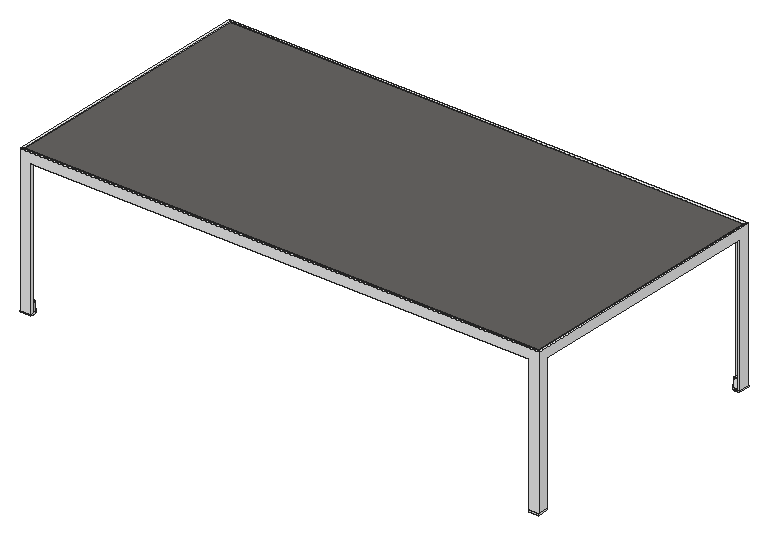
Revit family "Table-Multi_Use-Teknion-PRBJ-R2014", category Furniture, Revit 2014
Parameters (values of type "(See Type Catalog)")
  Width = 100 247/256"
  Warranty = "http://www.teknionstudio.com/pdfs/Teknion%20Studio%20Warranty.pdf"
  Unit Weight = 0.00 lbf
  URL = "www.teknionstudio.com"
  Table Top Finish = Veneer - Teknion - P7 - Grey Oak
  Series = "B&B Italia"
  Product Page URL = "http://www.teknionstudio.com/progetto1/"
  Product Line = "Progetto"
  Product Documentation Link = "http://www.teknionstudio.com/pricing/progetto_ppg.pdf"
  Part Number = "PRBJ"
  Model = ""
  Manufacturer Phone = "919-464-2920"
  Manufacturer Fax = "919-464-2927"
  Manufacturer Email = "customersupport@teknionstudio.com"
  Manufacturer Address = "3940 US 70 Business HWY West, Clayton, NC 27520"
  Manufacturer = "StudioTK"  # constant formula
  Low Emitting Material = yes
  Low Emitting Finish = yes
  Interior Frame Finish = none
  Height = 28.9331"
  Foot Offset = if(Adjustable Foot, 5/8", 1/4")  # 5/8"
  Fixed Foot = not(Adjustable Foot)  # no
  Exterior Frame Finish = Metal - Teknion - C6 - Chrome
  Description = ""
  Depth = 50.96"
  Assembly Code = "E2020200"
  Adjustable Foot = yes
Reference planes (in)
  plane 1 "Center F/B": y = 0
  plane 2: z = 0
  plane 3 "Center L/R": x = 0
  plane 4 "Left": x = -50.48242
  plane 5 "Right": x = 50.48242
  plane 6 "Back": y = 25.48
  plane 7 "Front": y = -25.48
  plane 8 "Top": z = 28.9331
  plane 9: z = 0.625
  plane 10 "Revolve Front": y = -24.20842
  plane 11 "Revolve Back": y = 24.20842
  plane 12: z = 28.52685
Forms (in)
  Sweep 1, solid, material "Veneer - Teknion - P7 - Grey Oak" <- "Table Top Finish"
    path origin (0, 0, 28.9331) x (-1, 0, 0) y (0, -1, 0)
      loop
        line (50.08101, 0) -> (-50.08101, 0)
    profile origin (0, 0, 28.9331) x (0, 1, 0) y (0, 0, 1)
      loop
        line (25.07858, 0) -> (-25.07858, 0) -> (-25.07858, -0.40625) -> (25.07858, -0.40625) -> (25.07858, 0)
  Sweep 2, solid, material "Metal - Teknion - C6 - Chrome" <- "Exterior Frame Finish"
    path origin (0, 0, 0) x (1, 0, 0) y (0, 0, 1)
      loop
        line (0, 28.9331) -> (0, 0.625)
    profile origin (0, 0, 14.77905) x (0, -1, 0) y (1, 0, 0)
      loop
        line (-23.45933, -50.08101) -> (-24.9803, -50.08101) -> (-25.38171, -50.48242) -> (-23.45933, -50.48242) -> (-23.45933, -50.08101)
      loop
        line (-25.07858, -49.98272) -> (-25.07858, -48.46175) -> (-25.48, -48.46175) -> (-25.48, -50.38413) -> (-25.07858, -49.98272)
      loop
        line (-23.45933, 50.08101) -> (-23.45933, 50.48242) -> (-25.38171, 50.48242) -> (-24.9803, 50.08101) -> (-23.45933, 50.08101)
      loop
        line (-25.07858, 49.98272) -> (-25.48, 50.38413) -> (-25.48, 48.46175) -> (-25.07858, 48.46175) -> (-25.07858, 49.98272)
      loop
        line (23.45933, 50.08101) -> (24.9803, 50.08101) -> (25.38171, 50.48242) -> (23.45933, 50.48242) -> (23.45933, 50.08101)
      loop
        line (25.07858, 49.98272) -> (25.07858, 48.46175) -> (25.48, 48.46175) -> (25.48, 50.38413) -> (25.07858, 49.98272)
      loop
        line (23.45933, -50.08101) -> (23.45933, -50.48242) -> (25.38171, -50.48242) -> (24.9803, -50.08101) -> (23.45933, -50.08101)
      loop
        line (25.07858, -49.98272) -> (25.48, -50.38413) -> (25.48, -48.46175) -> (25.07858, -48.46175) -> (25.07858, -49.98272)
  Sweep 3, solid, material "Metal - Teknion - C6 - Chrome" <- "Exterior Frame Finish"
    path origin (0, 0, 28.9331) x (-1, 0, 0) y (0, -1, 0)
      loop
        line (0, 23.45933) -> (0, -23.45933)
    profile origin (0, 0, 28.9331) x (-1, 0, 0) y (0, 0, 1)
      loop
        line (50.48242, 0) -> (50.08101, 0) -> (50.08101, -1.9685) -> (50.48242, -1.9685) -> (50.48242, 0)
      loop
        line (-50.48242, 0) -> (-50.48242, -1.9685) -> (-50.08101, -1.9685) -> (-50.08101, 0) -> (-50.48242, 0)
  Sweep 4, solid, material "Metal - Teknion - C6 - Chrome" <- "Exterior Frame Finish", visible <- "Adjustable Foot"
    path origin (0, 0, 0) x (1, 0, 0) y (0, 0, 1)
      loop
        line (0, 0.376) -> (0, 0.625)
    profile origin (0, 0, 0.5005) x (-1, 0, 0) y (0, -1, 0)
      loop
        line (50.48242, -25.48) -> (50.48242, -23.45933) -> (49.46175, -23.45933)
        arc (49.46175, -23.45933) -> (48.75465, -23.75222) -> (48.46175, -24.45933) r 1
        line (48.46175, -24.45933) -> (48.46175, -25.48) -> (50.48242, -25.48)
      loop
        line (-50.48242, -25.48) -> (-48.46175, -25.48) -> (-48.46175, -24.45933)
        arc (-48.46175, -24.45933) -> (-48.75465, -23.75222) -> (-49.46175, -23.45933) r 1
        line (-49.46175, -23.45933) -> (-50.48242, -23.45933) -> (-50.48242, -25.48)
      loop
        line (-50.48242, 25.48) -> (-50.48242, 23.45933) -> (-49.46175, 23.45933)
        arc (-49.46175, 23.45933) -> (-48.75465, 23.75222) -> (-48.46175, 24.45933) r 1
        line (-48.46175, 24.45933) -> (-48.46175, 25.48) -> (-50.48242, 25.48)
      loop
        line (50.48242, 25.48) -> (48.46175, 25.48) -> (48.46175, 24.45933)
        arc (48.46175, 24.45933) -> (48.75465, 23.75222) -> (49.46175, 23.45933) r 1
        line (49.46175, 23.45933) -> (50.48242, 23.45933) -> (50.48242, 25.48)
  Revolve 5, solid, material "Metal - Teknion - C6 - Chrome" <- "Exterior Frame Finish", visible <- "Adjustable Foot"
    sketch origin (0, -24.20842, 0) x (1, 0, 0) y (0, 0, 1)
      loop
        line (-48.83675, 2.17054) -> (-49.21175, 2.17054) -> (-49.21175, 0) -> (-48.89925, 0) -> (-48.89925, 0.126) -> (-48.83675, 0.126) -> (-48.83675, 2.17054)
      axis (-49.21175, 0) -> (-49.21175, 2.17054)
    angle from 0 to 360
  Sweep 6, solid, material "Metal - Teknion - C6 - Chrome" <- "Exterior Frame Finish", visible <- "Adjustable Foot"
    path origin (0, -24.20842, 0) x (1, 0, 0) y (0, 0, 1)
      loop
        line (0, 0.376) -> (0, 0.625)
    profile origin (0, -24.20842, 0.5005) x (-1, 0, 0) y (0, -1, 0)
      loop
        line (48.46175, -49.28701) -> (48.46175, -49.68842) -> (50.48242, -49.68842) -> (50.48242, -47.66775) -> (50.08101, -47.66775) -> (50.08101, -49.28701) -> (48.46175, -49.28701)
      loop
        line (-48.46175, -49.68842) -> (-48.46175, -49.28701) -> (-50.08101, -49.28701) -> (-50.08101, -47.66775) -> (-50.48242, -47.66775) -> (-50.48242, -49.68842) -> (-48.46175, -49.68842)
      loop
        line (-50.48242, -0.74909) -> (-50.08101, -0.74909) -> (-50.08101, 0.87016) -> (-48.46175, 0.87016) -> (-48.46175, 1.27158) -> (-50.48242, 1.27158) -> (-50.48242, -0.74909)
      loop
        line (48.46175, 1.27158) -> (48.46175, 0.87016) -> (50.08101, 0.87016) -> (50.08101, -0.74909) -> (50.48242, -0.74909) -> (50.48242, 1.27158) -> (48.46175, 1.27158)
  Sweep 7, solid, material "Metal - Teknion - C6 - Chrome" <- "Exterior Frame Finish"
    path origin (0, 0, 28.9331) x (0, 1, 0) y (-1, 0, 0)
      loop
        line (0, 48.46175) -> (0, -48.46175)
    profile origin (0, 0, 28.9331) x (0, 1, 0) y (0, 0, 1)
      loop
        line (25.48, 0) -> (25.07858, 0) -> (25.07858, -1.9685) -> (25.48, -1.9685) -> (25.48, 0)
      loop
        line (-25.48, 0) -> (-25.48, -1.9685) -> (-25.07858, -1.9685) -> (-25.07858, 0) -> (-25.48, 0)
  Revolve 8, solid, material "Metal - Teknion - C6 - Chrome" <- "Exterior Frame Finish", visible <- "Adjustable Foot"
    sketch origin (0, -24.20842, 0) x (-1, 0, 0) y (0, 0, 1)
      loop
        line (-48.83675, 2.17054) -> (-49.21175, 2.17054) -> (-49.21175, 0) -> (-48.89925, 0) -> (-48.89925, 0.125) -> (-48.83675, 0.125) -> (-48.83675, 2.17054)
      axis (-49.21175, 0) -> (-49.21175, 2.17054)
    angle from 0 to 360
  Revolve 9, solid, material "Metal - Teknion - C6 - Chrome" <- "Exterior Frame Finish", visible <- "Adjustable Foot"
    sketch origin (0, 24.20842, 0) x (1, 0, 0) y (0, 0, 1)
      loop
        line (-48.83675, 2.17054) -> (-49.21175, 2.17054) -> (-49.21175, 0) -> (-48.89925, 0) -> (-48.89925, 0.126) -> (-48.83675, 0.126) -> (-48.83675, 2.17054)
      axis (-49.21175, 0) -> (-49.21175, 2.17054)
    angle from 0 to 360
  Revolve 10, solid, material "Metal - Teknion - C6 - Chrome" <- "Exterior Frame Finish", visible <- "Adjustable Foot"
    sketch origin (0, 24.20842, 0) x (1, 0, 0) y (0, 0, 1)
      loop
        line (48.83675, 2.17054) -> (48.83675, 0.126) -> (48.89925, 0.126) -> (48.89925, 0) -> (49.21175, 0) -> (49.21175, 2.17054) -> (48.83675, 2.17054)
      axis (49.21175, 0) -> (49.21175, 2.17054)
    angle from 0 to 360
  Sweep 11, solid, material <- "Interior Frame Finish"
    path origin (0, -24.20842, 0) x (1, 0, 0) y (0, 0, 1)
      loop
        line (0, 28.52685) -> (0, 26.9646)
    profile origin (0, -24.20842, 27.74572) x (0, -1, 0) y (1, 0, 0)
      loop
        line (-49.28701, -50.08101) -> (0.87016, -50.08101) -> (0.87016, 50.08101) -> (-49.28701, 50.08101) -> (-49.28701, -50.08101)
      loop
        line (0.46875, -49.67959) -> (0.46875, -17.08978) -> (-48.88559, -17.08978) -> (-48.88559, -49.67959) -> (0.46875, -49.67959)
      loop
        line (-48.88559, 49.67959) -> (-48.88559, 17.09002) -> (0.46875, 17.09002) -> (0.46875, 49.67959) -> (-48.88559, 49.67959)
      loop
        line (0.46875, -16.30238) -> (0.46875, 16.30262) -> (-48.88559, 16.30262) -> (-48.88559, -16.30238) -> (0.46875, -16.30238)
  Sweep 12, solid, material "Metal - Teknion - C6 - Chrome" <- "Exterior Frame Finish", visible <- "Fixed Foot"
    path origin (84.14871, -24.20842, 0) x (1, 0, 0) y (0, 0, 1)
      loop
        line (-84.14871, 0.376) -> (-84.14871, 0.625)
    profile origin (0, -24.20842, 0.5005) x (-1, 0, 0) y (0, -1, 0)
      loop
        line (48.46175, -49.28701) -> (48.46175, -49.68842) -> (50.48242, -49.68842) -> (50.48242, -47.66775) -> (50.08101, -47.66775) -> (50.08101, -49.28701) -> (48.46175, -49.28701)
      loop
        line (-48.46175, -49.68842) -> (-48.46175, -49.28701) -> (-50.08101, -49.28701) -> (-50.08101, -47.66775) -> (-50.48242, -47.66775) -> (-50.48242, -49.68842) -> (-48.46175, -49.68842)
      loop
        line (-50.48242, -0.74909) -> (-50.08101, -0.74909) -> (-50.08101, 0.87016) -> (-48.46175, 0.87016) -> (-48.46175, 1.27158) -> (-50.48242, 1.27158) -> (-50.48242, -0.74909)
      loop
        line (48.46175, 1.27158) -> (48.46175, 0.87016) -> (50.08101, 0.87016) -> (50.08101, -0.74909) -> (50.48242, -0.74909) -> (50.48242, 1.27158) -> (48.46175, 1.27158)
Cuts and joins
  joined: Sweep 4, Revolve 5, Sweep 6, Revolve 9, Revolve 10
  joined: Sweep 2, Sweep 3, Sweep 7
Lines and regions (in)
  Masking region 1
    outline origin (0, 0, 28.9331) x (-1, 0, 0) y (0, -1, 0)
      loop
        line (50.48242, -25.48) -> (50.48242, 25.48) -> (-50.48242, 25.48) -> (-50.48242, -25.48) -> (50.48242, -25.48)
  symbolic lines, detail levels medium+fine
    curve 1: line (50.08101, 25.07858, 28.9331) -> (-50.08101, 25.07858, 28.9331)
    curve 2: line (-50.08101, 25.07858, 28.9331) -> (-50.08101, -25.07858, 28.9331)
    curve 3: line (-50.08101, -25.07858, 28.9331) -> (50.08101, -25.07858, 28.9331)
    curve 4: line (50.08101, -25.07858, 28.9331) -> (50.08101, 25.07858, 28.9331)
  symbolic lines, style "FurnitureHiddenLines", detail levels fine
    curve 5: line (-49.67959, 24.67717, 28.9331) -> (-17.08978, 24.67717, 28.9331)
    curve 6: line (-17.08978, 24.67717, 28.9331) -> (-17.08978, -24.67717, 28.9331)
    curve 7: line (-17.08978, -24.67717, 28.9331) -> (-49.67959, -24.67717, 28.9331)
    curve 8: line (-49.67959, -24.67717, 28.9331) -> (-49.67959, 24.67717, 28.9331)
    curve 9: line (-16.30238, 24.67717, 28.9331) -> (16.30262, 24.67717, 28.9331)
    curve 10: line (49.67959, 24.67717, 28.9331) -> (49.67959, -24.67717, 28.9331)
    curve 11: line (49.67959, -24.67717, 28.9331) -> (17.09002, -24.67717, 28.9331)
    curve 12: line (-16.30238, -24.67717, 28.9331) -> (-16.30238, 24.67717, 28.9331)
    curve 13: line (17.09002, 24.67717, 28.9331) -> (17.09002, -24.67717, 28.9331)
    curve 14: line (16.30262, -24.67717, 28.9331) -> (16.30262, 24.67717, 28.9331)
    curve 15: line (17.09002, 24.67717, 28.9331) -> (49.67959, 24.67717, 28.9331)
    curve 16: line (16.30262, -24.67717, 28.9331) -> (-16.30238, -24.67717, 28.9331)
Dimensions and locks (in)
  equal spacing: plane 4 "Left", plane 3 "Center L/R", plane 5 "Right"
  equal spacing: plane 6 "Back", plane 1 "Center F/B", plane 7 "Front"
  locked: Sweep 1 sketch curve to plane 5 "Right" at 0.40142
  locked: plane 4 "Left" to Sweep 1 sketch curve at 0.40142
  locked: plane 6 "Back" to Sweep 1 sketch curve at 0.40142
  locked: Sweep 1 sketch curve to plane 7 "Front" at 0.40142
  locked: plane 4 "Left" to Sweep 2 sketch curve at 2.02067  (x2)
  locked: Sweep 2 sketch curve to plane 7 "Front" at 2.02067
  locked: plane 4 "Left" to Sweep 2 sketch curve at 0.40142  (x2)
  locked: plane 7 "Front" to Sweep 2 sketch curve at 0.40142
  locked: Sweep 2 sketch curve to plane 7 "Front" at 0.40142
  locked: Sweep 2 sketch curve to plane 5 "Right" at 0.40142  (x2)
  locked: plane 7 "Front" to Sweep 2 sketch curve at 2.02067
  locked: Sweep 2 sketch curve to plane 5 "Right" at 2.02067  (x2)
  locked: plane 9 to Sweep 4 sketch curve at 0.249
  "Width": plane 4 "Left" to plane 5 "Right"
  "Depth": plane 6 "Back" to plane 7 "Front"
  locked: plane 4 "Left" to Sweep 4 sketch curve at 1.02067  (x2)
  locked: plane 6 "Back" to Sweep 4 sketch curve at 1.02067  (x2)
  locked: Sweep 4 sketch curve to plane 5 "Right" at 1.02067  (x2)
  locked: plane 7 "Front" to Sweep 4 sketch curve at 1.02067  (x2)
  locked: Revolve 5 sketch curve to Revolve 5 sketch curve at 0.375
  locked: Revolve 5 sketch curve to Revolve 5 sketch curve at 0.3125
  locked: plane 6 "Back" to Sweep 2 sketch curve at 2.02067
  locked: Sweep 2 sketch curve to plane 6 "Back" at 0.40142
  locked: plane 6 "Back" to Sweep 2 sketch curve at 0.40142
  locked: Sweep 2 sketch curve to plane 6 "Back" at 2.02067
  locked: Revolve 5 sketch curve to plane 4 "Left" at 1.27067
  locked: Revolve 5 sketch curve to plane 2 at 2.17054
  locked: plane 7 "Front" to plane 10 "Revolve Front" at 1.27158
  locked: plane 6 "Back" to plane 11 "Revolve Back" at 1.27158
  locked: plane 9 to Sweep 6 sketch curve at 0.249
  "Foot Offset": plane 9 to plane 2
  locked: plane 4 "Left" to Sweep 3 sketch curve at 0.40142
  locked: plane 8 "Top" to Sweep 3 sketch curve at 1.9685  (x2)
  locked: Sweep 3 sketch curve to plane 5 "Right" at 0.40142
  locked: plane 6 "Back" to Sweep 7 sketch curve at 0.40142
  locked: plane 8 "Top" to Sweep 7 sketch curve at 1.9685
  locked: Sweep 7 sketch curve to plane 7 "Front" at 0.40142
  locked: Sweep 7 sketch curve to plane 8 "Top" at 1.9685
  locked: plane 7 "Front" to Sweep 3 sketch curve at 2.02067
  locked: plane 6 "Back" to Sweep 3 sketch curve at 2.02067
  locked: plane 4 "Left" to Sweep 7 sketch curve at 2.02067
  locked: Sweep 7 sketch curve to plane 5 "Right" at 2.02067
  locked: Revolve 8 sketch curve to Revolve 8 sketch curve at 0.375
  locked: Revolve 8 sketch curve to Revolve 8 sketch curve at 0.3125
  locked: plane 5 "Right" to Revolve 8 sketch curve at 1.27067
  locked: Revolve 8 sketch curve to plane 2 at 2.17054
  locked: Revolve 9 sketch curve to Revolve 9 sketch curve at 0.375
  locked: Revolve 9 sketch curve to Revolve 9 sketch curve at 0.3125
  locked: Revolve 10 sketch curve to Revolve 10 sketch curve at 0.375
  locked: Revolve 10 sketch curve to Revolve 10 sketch curve at 0.3125
  locked: Revolve 9 sketch curve to plane 4 "Left" at 1.27067
  locked: Revolve 9 sketch curve to plane 2 at 2.17054
  locked: plane 5 "Right" to Revolve 10 sketch curve at 1.27067
  locked: Revolve 10 sketch curve to plane 2 at 2.17054
  "Height": plane 8 "Top" to plane 2
  locked: plane 8 "Top" to plane 12 at 0.40625
  locked: plane 12 to Sweep 11 sketch curve at 1.56225
  plane 4 "Left" to Sweep 11 sketch curve to Sweep 11 sketch curve = 0.40142" locked, 0.40142" locked
  Sweep 11 sketch curve to Sweep 11 sketch curve to plane 7 "Front" = 0.40142" locked, 0.40142" locked
  Sweep 11 sketch curve to Sweep 11 sketch curve to plane 5 "Right" = 0.40142" locked, 0.40142" locked
  Sweep 11 sketch curve to Sweep 11 sketch curve to plane 6 "Back" = 0.40142" locked, 0.40142" locked
  locked: Sweep 2 sketch curve to Sweep 2 sketch curve at 0.139  (x4)
  locked: Revolve 5 sketch curve to plane 2 at 0.126
  locked: Revolve 9 sketch curve to plane 2 at 0.126
  locked: Revolve 8 sketch curve to plane 2 at 0.125
  locked: Revolve 10 sketch curve to plane 2 at 0.126
  locked: Sweep 11 sketch curve to Sweep 11 sketch curve at 0.7874  (x2)
  locked: Sweep 11 sketch curve to Sweep 11 sketch curve at 32.605
  locked: Sweep 11 sketch curve to plane 5 "Right" at 33.3924
  locked: Sweep 11 sketch curve to Sweep 11 sketch curve at 0.40142  (x3)
  locked: plane 9 to Sweep 12 sketch curve at 0.249
  locked: plane 4 "Left" to Sweep 12 sketch curve at 0.40142  (x2)
  locked: plane 4 "Left" to Sweep 12 sketch curve at 2.02067  (x2)
  locked: Sweep 12 sketch curve to plane 6 "Back" at 2.02067  (x2)
  locked: Sweep 12 sketch curve to plane 6 "Back" at 0.40142  (x2)
  locked: plane 7 "Front" to Sweep 12 sketch curve at 2.02067
  locked: Sweep 12 sketch curve to plane 7 "Front" at 0.40142  (x2)
  locked: Sweep 12 sketch curve to plane 5 "Right" at 0.40142  (x2)
  locked: Sweep 12 sketch curve to plane 7 "Front" at 2.02067
  locked: Sweep 12 sketch curve to plane 5 "Right" at 2.02067  (x2)
  curve 8 to curve 6 to curve 12 to plane 3 "Center L/R" = 32.58981" locked, 0.7874" locked, 16.30238" locked
  plane 3 "Center L/R" to curve 14 to curve 13 to curve 10 = 16.30262" locked, 0.7874" locked, 32.58957" locked
  aligned and locked: level to plane 2
  aligned and locked: plane 1 "Center F/B" to Sweep 1 sketch curve
  aligned and locked: Sweep 1 sketch curve to plane 8 "Top"
  aligned and locked: plane 8 "Top" to Sweep 2 sketch curve
  aligned and locked: plane 9 to Sweep 2 sketch curve
  aligned and locked: Sweep 2 sketch curve to plane 3 "Center L/R"
  aligned and locked: Sweep 2 sketch curve to plane 4 "Left"  (x2)
  aligned and locked: Sweep 2 sketch curve to plane 6 "Back"
  aligned and locked: plane 6 "Back" to Sweep 2 sketch curve
  aligned and locked: Sweep 2 sketch curve to plane 5 "Right"  (x2)
  aligned and locked: Sweep 2 sketch curve to plane 7 "Front"
  aligned and locked: plane 7 "Front" to Sweep 2 sketch curve
  aligned and locked: plane 3 "Center L/R" to Sweep 4 sketch curve
  aligned and locked: plane 9 to Sweep 4 sketch curve
  aligned and locked: Sweep 4 sketch curve to plane 4 "Left"  (x2)
  aligned and locked: Sweep 4 sketch curve to plane 6 "Back"  (x2)
  aligned and locked: Sweep 4 sketch curve to plane 7 "Front"  (x2)
  aligned and locked: Sweep 4 sketch curve to plane 5 "Right"  (x2)
  aligned and locked: Revolve 5 sketch curve to Revolve 5 sketch curve
  aligned and locked: plane 3 "Center L/R" to Sweep 6 sketch curve
  aligned and locked: plane 9 to Sweep 6 sketch curve
  aligned and locked: Sweep 6 sketch curve to Sweep 2  (x24)
  aligned and locked: plane 3 "Center L/R" to Sweep 3 sketch curve
  aligned and locked: plane 4 "Left" to Sweep 3 sketch curve
  aligned and locked: Sweep 3 sketch curve to plane 8 "Top"
  aligned and locked: plane 5 "Right" to Sweep 3 sketch curve
  aligned and locked: plane 8 "Top" to Sweep 3 sketch curve
  aligned and locked: plane 1 "Center F/B" to Sweep 7 sketch curve
  aligned and locked: Sweep 7 sketch curve to plane 8 "Top"
  aligned and locked: Sweep 7 sketch curve to plane 6 "Back"
  aligned and locked: plane 7 "Front" to Sweep 7 sketch curve
  aligned and locked: plane 8 "Top" to Sweep 7 sketch curve
  aligned and locked: Revolve 8 sketch curve to Revolve 8 sketch curve
  aligned and locked: plane 2 to Revolve 8 sketch curve
  aligned and locked: Revolve 9 sketch curve to Revolve 9 sketch curve
  aligned and locked: Revolve 10 sketch curve to Revolve 10 sketch curve
  aligned and locked: plane 2 to Revolve 10 sketch curve
  aligned and locked: Sweep 1 sketch curve to plane 12
  aligned and locked: plane 12 to Sweep 11 sketch curve
  aligned and locked: Sweep 11 sketch curve to plane 3 "Center L/R"
  aligned and locked: Masking region 1 sketch curve to plane 6 "Back"
  aligned and locked: Masking region 1 sketch curve to plane 7 "Front"
  aligned and locked: Masking region 1 sketch curve to plane 5 "Right"
  aligned and locked: Masking region 1 sketch curve to plane 4 "Left"
  aligned and locked: curve 1 to Sweep 1
  aligned and locked: curve 2 to Sweep 1
  aligned and locked: curve 3 to Sweep 1
  aligned and locked: curve 4 to Sweep 1
  aligned and locked: curve 5 to Sweep 11
  aligned and locked: curve 7 to Sweep 11
  aligned and locked: curve 9 to Sweep 11
  aligned and locked: curve 11 to Sweep 11
  aligned and locked: plane 3 "Center L/R" to Sweep 12 sketch curve
  aligned and locked: plane 9 to Sweep 12 sketch curve
  aligned and locked: plane 6 "Back" to Sweep 12 sketch curve
  aligned and locked: Sweep 12 sketch curve to plane 4 "Left"  (x2)
  aligned and locked: Sweep 12 sketch curve to plane 7 "Front"
  aligned and locked: Sweep 12 sketch curve to plane 5 "Right"
  aligned and locked: plane 7 "Front" to Sweep 12 sketch curve
  aligned and locked: plane 5 "Right" to Sweep 12 sketch curve
  aligned and locked: Sweep 12 sketch curve to plane 6 "Back"
  aligned and locked: Revolve 5 sketch curve to plane 2
  aligned and locked: Revolve 9 sketch curve to plane 2
Automatic sketch dimensions
  Sweep 4 sketch curve to Sweep 4 sketch curve = 1"  (x4)
  Revolve 5 sketch curve to Revolve 5 sketch curve = 0.28131"
  Revolve 5 sketch curve to Revolve 5 sketch curve = 0.04815"
  Revolve 9 sketch curve to Revolve 9 sketch curve = 0.28131"
  Revolve 9 sketch curve to Revolve 9 sketch curve = 0.04815"
  Revolve 10 sketch curve to Revolve 10 sketch curve = 0.28131"
  Revolve 10 sketch curve to Revolve 10 sketch curve = 0.04815"
  Sweep 2 sketch curve to Sweep 2 sketch curve = 0.09829"  (x8)
  level to Revolve 8 sketch curve = 0.28131"
  Revolve 8 sketch curve to Revolve 8 sketch curve = 0.04815"
  Sweep 11 sketch curve to Sweep 11 sketch curve = 0"
  plane 11 "Revolve Back" to curve 13 = 15/32"
  plane 10 "Revolve Front" to curve 12 = 15/32"
